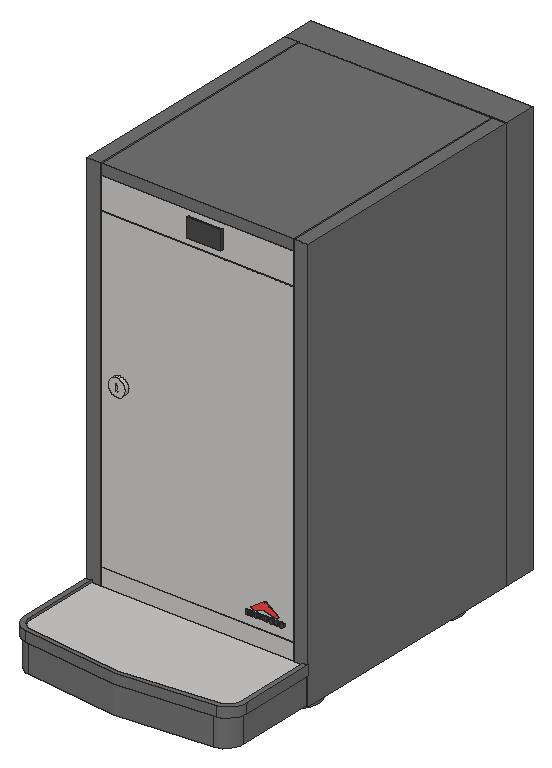
Revit family "QF_EGRO_TOP_MILK_FRIDGE", category Specialty Equipment, Revit 2015
Parameters
  Weight in Kilograms = 29
  Watts = 3200 W
  Volts = 220 V
  URL Cutsheet = ""
  Specification by User = ""
  Specification by Manufacturer = ""
  Show Logo [instance] = yes
  Serial Number = ""
  Seismic Rating = ""
  SMACNA No = ""
  Revision Code = ""
  Plumbing Remarks = ""
  Phase = 1
  Number of Poles = 1
  NAFEM Spec ID Number = ""
  Model = "TOP MILK FRIDGE"
  Min Ckt Ampacity = 0 A
  Max Overcurrent Protection = 0 A
  Masterspec = ""
  Manufacturer = "EGRO"  # constant formula
  Length = 11.75"
  Item Number = ""
  Installed By = ""
  Indirect Waste Size = 2"
  Indirect Waste Flow = 0 GPM
  Indirect Waste Connection Type = ""
  Indirect Waste Connection Height = 0.00"
  Identify Quantity as Lot = yes
  Height = 31.00"
  HP = ""
  Furnished By = ""
  Foodservice Equipment Identifier = yes
  FL Amps = 13 A
  Electrical Remarks = ""
  Electric Connection Type = ""
  Elec Conn RI Height = 0.00"
  Elec Conn Connection Height = 0.00"
  Description = "TOP MILK FRIDGE"
  Depth = 20.26752"
  Cycle = 50 Hz
  Conn Plug = "Typ 25 / CEE"
  Conn Conduit = yes
  Cold Water Temperature Recommended = -459.67 °F
  Cold Water Size = 3/8"
  Cold Water RI Height = 0.00"
  Cold Water Minimum Pressure = 0.00 psi
  Cold Water Maximum Pressure = 0.00 psi
  Cold Water Flow = 0 GPM
  Cold Water Consumption = ""
  Cold Water Connection Height = 0.00"
  CSI MasterFormat = ""
  Apparent Power = 0 VA
Reference planes (in)
  plane 1 "BACK": y = 0
  plane 2: z = 0
  plane 3 "LEFT": x = 0
  plane 4 "RIGHT": x = 11.75
  plane 5 "FRONT": y = -20.26752
  plane 6 "TOP": z = 31
  plane 7 "Center Y": x = 5.875
  plane 8 "Center X": y = -10.13376
  plane 9: z = 1.05828
  plane 10: z = 3.07
Forms (in)
  Extrusion 1, solid, material "QF_Rubber-Black-Smooth"
    sketch origin (11.75, 0, 0) x (0, -1, 0) y (0, 0, 1)
      loop
        line (1.74481, 23.05828) -> (1.74481, 1.05828) -> (14.89129, 1.05828) -> (14.89129, 23.05828) -> (1.74481, 23.05828)
    from 0 to 0.75
  Extrusion 2, solid, material "QF_Rubber-Black-Smooth"
    sketch origin (0, 0, 0) x (0, 1, 0) y (0, 0, 1)
      loop
        line (-1.74481, 23.05828) -> (-14.89129, 23.05828) -> (-14.89129, 1.05828) -> (-1.74481, 1.05828) -> (-1.74481, 23.05828)
    from 0 to 0.75
  Extrusion 3, solid, material "QF_Rubber-Black-Smooth"
    sketch origin (24, -21.49035, 12.62508) x (-1, 0, 0) y (0, -1, 0)
      loop
        line (23.25, -19.74554) -> (23.25, -6.59906) -> (13, -6.59906) -> (13, -19.74554) -> (23.25, -19.74554)
    from 9.88221 to 10.4332
  Extrusion 4, solid, material "QF_Metal-Stainless-Polished"
    sketch origin (0, -14.89129, 23.05828) x (0, 0, -1) y (1, 0, 0)
      loop
        line (0.55099, 0.75) -> (2.21186, 0.75) -> (2.21186, 11) -> (0.55099, 11) -> (0.55099, 0.75)
      loop
        line (2.26329, 11) -> (2.26329, 0.75) -> (19.16379, 0.75) -> (19.16379, 11) -> (2.26329, 11)
      loop
        line (20.07637, 0.75) -> (20.07637, 11) -> (19.20425, 11) -> (19.20425, 0.75) -> (20.07637, 0.75)
    from 0 to -1.03909
  Extrusion 5, solid, material "QF_Rubber-Black-Smooth"
    sketch origin (-12, 0, 0) x (1, 0, 0) y (0, 1, 0)
      loop
        line (12.15, -14.89129) -> (12.15, -18.97811)
        arc (12.15, -18.97811) -> (12.37475, -19.60977) -> (12.94798, -19.9575) r 1
        arc (12.94798, -19.9575) -> (17.875, -20.46036) -> (22.80202, -19.9575) r 24.3889
        arc (22.80202, -19.9575) -> (23.37525, -19.60977) -> (23.6, -18.97811) r 1
        line (23.6, -18.97811) -> (23.6, -14.89129) -> (12.15, -14.89129)
    from 1.05828 to 2.55998
  Extrusion 6, solid, material "QF_Rubber-Black-Smooth"
    sketch origin (-12, 0, 2.55998) x (1, 0, 0) y (0, 1, 0)
      loop
        line (23.75, -14.89129) -> (23.5, -14.89129) -> (23.5, -18.97811)
        arc (23.5, -18.97811) -> (23.33149, -19.45178) -> (22.9017, -19.71261) r 0.75
        arc (22.9017, -19.71261) -> (17.875, -20.22627) -> (12.8483, -19.71261) r 24.85248
        arc (12.8483, -19.71261) -> (12.41851, -19.45178) -> (12.25, -18.97811) r 0.75
        line (12.25, -18.97811) -> (12.25, -14.89129) -> (12, -14.89129) -> (12, -18.97811)
        arc (12, -18.97811) -> (12.22467, -19.60967) -> (12.79774, -19.95745) r 1
        arc (12.79774, -19.95745) -> (17.875, -20.47627) -> (22.95226, -19.95745) r 25.10248
        arc (22.95226, -19.95745) -> (23.52533, -19.60967) -> (23.75, -18.97811) r 1
        line (23.75, -18.97811) -> (23.75, -14.89129)
    from 0 to 0.51002
  Extrusion 7, solid, material "QF_Rubber-Black-Smooth"
    sketch origin (-12, 0, 2.55998) x (1, 0, 0) y (0, 1, 0)
      loop
        line (23.5, -13.89888) -> (12.25, -13.89888) -> (12.25, -18.97811)
        arc (12.25, -18.97811) -> (12.41851, -19.45178) -> (12.8483, -19.71261) r 0.75
        arc (12.8483, -19.71261) -> (17.875, -20.22627) -> (22.9017, -19.71261) r 24.85248
        arc (22.9017, -19.71261) -> (23.33149, -19.45178) -> (23.5, -18.97811) r 0.75
        line (23.5, -18.97811) -> (23.5, -13.89888)
    from 0 to 0.42194
  Extrusion 8, solid, material "QF_Rubber-Black-Smooth"
    sketch origin (0, -1.74481, 21.30828) x (0, 0, 1) y (1, 0, 0)
      loop
        line (-20.25, 0) -> (1.75, 0) -> (1.75, 11.75) -> (-20.25, 11.75) -> (-20.25, 0)
    from 1.74 to 0
  Revolve 9, solid, material "QF_Rubber-Black-Smooth"
    sketch origin (2.25, 0, 0) x (0, 1, 0) y (0, 0, 1)
      loop
        line (-3.5, 0) -> (-2.29615, 0) -> (-2.29615, 1.05828) -> (-3.5, 1.05828) -> (-3.5, 0)
      axis (-3.5, 1.05828) -> (-3.5, 0)
    angle from 0 to 360
  Revolve 10, solid, material "QF_Rubber-Black-Smooth"
    sketch origin (2.25, -9.44, 0) x (0, 1, 0) y (0, 0, 1)
      loop
        line (-3.5, 0) -> (-2.29615, 0) -> (-2.29615, 1.05828) -> (-3.5, 1.05828) -> (-3.5, 0)
      axis (-3.5, 1.05828) -> (-3.5, 0)
    angle from 0 to 360
  Extrusion 11, solid, material "QF_Rubber-Black-Smooth"
    sketch origin (0.90838, -180, 1.05828) x (-1, 0, 0) y (0, -1, 0)
      loop
        line (0.15838, -165.10871) -> (-10.09162, -165.10871) -> (-10.09162, -177.25519) -> (0.15838, -177.25519) -> (0.15838, -165.10871)
    from 0 to 1
  Extrusion 12, solid, material "QF_Metal-Stainless-Polished"
    sketch origin (0, -14.89129, 23.05828) x (0, 0, -1) y (1, 0, 0)
      loop
        circle (10.22498, 1.7578) r 0.45249
      loop
        line (10.05874, 1.69823) -> (10.38786, 1.69823) -> (10.38786, 1.81425) -> (10.05874, 1.81425) -> (10.05874, 1.69823)
    from 0 to 0.2
  Extrusion 13, solid, material "QF_Plastic-Black-Matte"
    sketch origin (0, -14.89129, 23.05828) x (0, 0, -1) y (1, 0, 0)
      loop
        line (0.85484, 5.40329) -> (1.85484, 5.40329) -> (1.85484, 7.19809) -> (0.85484, 7.19809) -> (0.85484, 5.40329)
    from 0 to 0.13
  Extrusion 14, solid, material "QF_Rubber-Black-Smooth"
    sketch origin (0.90838, -180, 1.05828) x (0, -1, 0) y (-1, 0, 0)
      loop
        circle (-168.27276, -4.96662) r 0.25
    from 0 to 0.13
  Revolve 15, solid, material "QF_Rubber-Black-Smooth"
    sketch origin (9.5, 0, 0) x (0, 1, 0) y (0, 0, -1)
      loop
        line (-3.5, 0) -> (-3.5, -1.05828) -> (-2.29615, -1.05828) -> (-2.29615, 0) -> (-3.5, 0)
      axis (-3.5, -1.05828) -> (-3.5, 0)
    angle from 0 to 360
  Revolve 16, solid, material "QF_Rubber-Black-Smooth"
    sketch origin (9.5, -9.44, 0) x (0, 1, 0) y (0, 0, -1)
      loop
        line (-3.5, 0) -> (-3.5, -1.05828) -> (-2.29615, -1.05828) -> (-2.29615, 0) -> (-3.5, 0)
      axis (-3.5, -1.05828) -> (-3.5, 0)
    angle from 0 to 360
Lines and regions (in)
  symbolic lines
    curve 1: line (0, 0, 1.05828) -> (11.75, 0, 1.05828)
    curve 2: line (0, -18.97811, 1.05828) -> (0, 0, 1.05828)
    curve 3: line (11.75, -1.74481, 1.05828) -> (0, -1.74481, 1.05828)
    curve 4: line (0, -14.89129, 1.05828) -> (11.75, -14.89129, 1.05828)
    curve 5: line (11.75, 0, 1.05828) -> (11.75, -18.97811, 1.05828)
    curve 6: line (0.75, -14.89129, 1.05828) -> (0.75, -1.74481, 1.05828)
    curve 7: line (11, -1.74481, 1.05828) -> (11, -14.89129, 1.05828)
    curve 8: arc (0, -18.97811, 1.05828) -> (0.22212, -19.60652, 1.05828) -> (0.7898, -19.95577, 1.05828) r 1
    curve 9: arc (0.7898, -19.95577, 1.05828) -> (5.875, -20.49626, 1.05828) -> (10.9602, -19.95577, 1.05828) r 24.19225
    curve 10: arc (10.9602, -19.95577, 1.05828) -> (11.52788, -19.60652, 1.05828) -> (11.75, -18.97811, 1.05828) r 1
    curve 11: line (11.5, -14.89129, 1.05828) -> (11.5, -18.97811, 1.05828)
    curve 12: arc (11.5, -18.97811, 1.05828) -> (11.33341, -19.44942, 1.05828) -> (10.90765, -19.71136, 1.05828) r 0.75
    curve 13: arc (10.90765, -19.71136, 1.05828) -> (5.875, -20.24626, 1.05828) -> (0.84235, -19.71136, 1.05828) r 23.94225
    curve 14: arc (0.84235, -19.71136, 1.05828) -> (0.41659, -19.44942, 1.05828) -> (0.25, -18.97811, 1.05828) r 0.75
    curve 15: line (0.25, -18.97811, 1.05828) -> (0.25, -14.89129, 1.05828)
Dimensions and locks (in)
  equal spacing: plane 3 "LEFT", plane 7 "Center Y", plane 4 "RIGHT"
  "Length": plane 3 "LEFT" to plane 4 "RIGHT"
  equal spacing: plane 5 "FRONT", plane 8 "Center X", plane 1 "BACK"
  "Depth": plane 5 "FRONT" to plane 1 "BACK"
  "Height": plane 6 "TOP" to level
  plane 10 to level = 3.07"
  aligned and locked: level to plane 2
Automatic sketch dimensions
  curve 8 to curve 14 = 0.00"  (x2)
  curve 9 to curve 13 = 0.00"  (x2)
  curve 10 to curve 12 = 0.00"  (x2)
  curve 10 to plane 4 "RIGHT" = 0.00"
  curve 13 to plane 7 "Center Y" = 0.00"
  curve 4 to plane 3 "LEFT" = 0.00"
  plane 1 "BACK" to curve 1 = 0.00"
  plane 4 "RIGHT" to curve 11 = 0.25"
  curve 11 to curve 10 = 0.75"
  curve 14 to curve 2 = 1.00"
  curve 15 to curve 2 = 0.25"
  curve 9 to plane 1 "BACK" = 3.69599"
  curve 8 to plane 5 "FRONT" = 1.28941"
  curve 10 to plane 5 "FRONT" = 1.28941"
  curve 11 to curve 7 = 0.50"
  curve 9 to curve 10 = 0.00"
  curve 13 to curve 12 = 0.00"
  curve 6 to curve 15 = 0.50"
  plane 1 "BACK" to curve 7 = 1.74481"
  curve 4 to curve 5 = 4.08683"
  Extrusion 1 sketch curve to plane 9 = 0.00"
  plane 1 "BACK" to Extrusion 1 sketch curve = 1.74481"
  Extrusion 1 sketch curve to plane 8 "Center X" = 4.75752"
  Extrusion 1 sketch curve to plane 6 "TOP" = 7.94172"
  Extrusion 2 sketch curve to plane 9 = 0.00"
  Extrusion 2 sketch curve to plane 8 "Center X" = 4.75752"
  plane 1 "BACK" to Extrusion 2 sketch curve = 1.74481"
  Extrusion 2 sketch curve to plane 6 "TOP" = 7.94172"
  plane 4 "RIGHT" to Extrusion 3 sketch curve = 0.75"
  plane 3 "LEFT" to Extrusion 3 sketch curve = 0.75"
  plane 1 "BACK" to Extrusion 3 sketch curve = 1.74481"
  Extrusion 3 sketch curve to plane 8 "Center X" = 4.75752"
  Extrusion 2 to Extrusion 4 sketch curve = 0.00"  (x3)
  Extrusion 4 sketch curve to Extrusion 2 = 0.55099"
  Extrusion 4 sketch curve to Extrusion 4 sketch curve = 1.66087"
  Extrusion 4 sketch curve to Extrusion 4 sketch curve = 0.05143"
  Extrusion 4 sketch curve to Extrusion 2 = 2.83621"
  Extrusion 4 sketch curve to Extrusion 4 sketch curve = 0.04046"
  Extrusion 4 sketch curve to Extrusion 4 sketch curve = 0.87212"
  Extrusion 4 sketch curve to Extrusion 2 = 10.25"
  Extrusion 4 sketch curve to Extrusion 4 sketch curve = 0.00"  (x2)
  Extrusion 5 sketch curve to plane 7 "Center Y" = 0.00"
  plane 3 "LEFT" to Extrusion 5 sketch curve = 1.15"
  plane 3 "LEFT" to Extrusion 5 sketch curve = 0.15"
  plane 4 "RIGHT" to Extrusion 5 sketch curve = 1.15"
  plane 4 "RIGHT" to Extrusion 5 sketch curve = 0.15"
  Extrusion 5 sketch curve to plane 5 "FRONT" = 1.28941"  (x2)
  Extrusion 5 sketch curve to Extrusion 5 sketch curve = 4.08683"
  Extrusion 5 sketch curve to plane 1 "BACK" = 3.92854"
  Extrusion 5 sketch curve to Extrusion 5 sketch curve = 0.00"
  Extrusion 6 sketch curve to Extrusion 6 sketch curve = 0.00"  (x8)
  Extrusion 6 sketch curve to plane 3 "LEFT" = 0.00"
  Extrusion 6 sketch curve to plane 7 "Center Y" = 0.00"
  Extrusion 6 sketch curve to plane 4 "RIGHT" = 0.00"
  Extrusion 6 sketch curve to Extrusion 6 sketch curve = 0.25"
  Extrusion 6 sketch curve to Extrusion 6 sketch curve = 0.75"
  plane 4 "RIGHT" to Extrusion 6 sketch curve = 1.00"
  plane 4 "RIGHT" to Extrusion 6 sketch curve = 0.25"
  Extrusion 6 sketch curve to plane 5 "FRONT" = 1.28941"  (x2)
  Extrusion 6 sketch curve to Extrusion 6 sketch curve = 4.08683"  (x2)
  Extrusion 6 sketch curve to plane 1 "BACK" = 4.62621"
  Extrusion 7 sketch curve to plane 7 "Center Y" = 0.00"
  plane 3 "LEFT" to Extrusion 7 sketch curve = 1.00"
  plane 3 "LEFT" to Extrusion 7 sketch curve = 0.25"
  plane 4 "RIGHT" to Extrusion 7 sketch curve = 1.00"
  plane 4 "RIGHT" to Extrusion 7 sketch curve = 0.25"
  Extrusion 7 sketch curve to plane 5 "FRONT" = 1.28941"  (x2)
  Extrusion 7 sketch curve to plane 8 "Center X" = 3.76512"
  Extrusion 7 sketch curve to plane 1 "BACK" = 4.62621"
  Extrusion 7 sketch curve to Extrusion 7 sketch curve = 0.00"
  Extrusion 8 sketch curve to Extrusion 2 = 0.00"  (x3)
  Extrusion 8 sketch curve to Extrusion 2 = 11.00"
  Revolve 9 sketch curve to level = 0.00"  (x2)
  Revolve 9 sketch curve to plane 9 = 0.00"
  plane 1 "BACK" to Revolve 9 sketch curve = 3.50"  (x2)
  Revolve 9 sketch curve to Revolve 9 sketch curve = 1.20385"
  Revolve 9 sketch curve to level = 4.00"
  Revolve 10 sketch curve to level = 0.00"  (x2)
  Revolve 10 sketch curve to plane 9 = 0.00"
  Revolve 10 sketch curve to plane 8 "Center X" = 2.80624"  (x2)
  Revolve 10 sketch curve to Revolve 10 sketch curve = 1.20385"
  Revolve 10 sketch curve to level = 4.00"
  plane 4 "RIGHT" to Extrusion 11 sketch curve = 0.75"
  plane 3 "LEFT" to Extrusion 11 sketch curve = 0.75"
  plane 1 "BACK" to Extrusion 11 sketch curve = 2.74481"
  Extrusion 11 sketch curve to plane 8 "Center X" = 4.75752"
  Extrusion 12 sketch curve to Extrusion 4 = 0.94823"
  Extrusion 12 sketch curve to Extrusion 4 = 7.79546"
  Extrusion 12 sketch curve to Extrusion 12 sketch curve = 0.16624"
  Extrusion 12 sketch curve to Extrusion 12 sketch curve = 0.16288"
  Extrusion 12 sketch curve to Extrusion 12 sketch curve = 0.05957"
  Extrusion 12 sketch curve to Extrusion 12 sketch curve = 0.11602"
  Extrusion 13 sketch curve to Extrusion 4 = 0.30385"
  Extrusion 13 sketch curve to Extrusion 4 = 0.35701"
  Extrusion 13 sketch curve to Extrusion 4 = 4.65329"
  Extrusion 13 sketch curve to Extrusion 13 sketch curve = 1.7948"
  Extrusion 11 to Extrusion 14 sketch curve = 3.16404"
  Extrusion 11 to Extrusion 14 sketch curve = 5.125"
  Revolve 15 sketch curve to level = 0.00"  (x2)
  Revolve 15 sketch curve to plane 9 = 0.00"
  plane 1 "BACK" to Revolve 15 sketch curve = 3.50"  (x2)
  Revolve 15 sketch curve to Revolve 15 sketch curve = 1.20385"
  Revolve 15 sketch curve to level = 4.00"
  Revolve 16 sketch curve to level = 0.00"  (x2)
  Revolve 16 sketch curve to plane 9 = 0.00"
  Revolve 16 sketch curve to plane 8 "Center X" = 2.80624"  (x2)
  Revolve 16 sketch curve to Revolve 16 sketch curve = 1.20385"
  Revolve 16 sketch curve to level = 4.00"
  radius of Extrusion 12 sketch curve = 0.45249"
  radius of Extrusion 14 sketch curve = 0.25"
Nested families (in)
  nested 1: "QF_LOGO_EGRO" at (8.4792, -14.95129, 4.39008), Show Logo <- "Show Logo", type "QF_LOGO_EGRO"
    with Show Logo yes
Connectors (in)
  electrical at (5.875, -11.72724, 0.92828), driven by "Volts", driven by "Watts"
    settings: on Extrusion 14, index 1, voltage 220 V, apparent load 3200 VA, apparent load phase1 0 VA, apparent load phase2 0 VA, apparent load phase3 0 VA, power factor 1, load classification "Other", number of poles 1, system type 30, power factor state 1, is connector primary yes, connector utility no, sub classification motor no, connector description "ELECTRICAL CONNECTION"
Definition of nested family "QF_LOGO_EGRO"
  Parameters (values of type "QF_LOGO_EGRO")
    Show Logo [instance] = yes
  Reference planes (in)
    plane 1 "Center (Front/Back)": y = 0
    plane 2: z = 0
    plane 3 "Center (Left/Right)": x = 0
  Forms (in)
    Extrusion 1, solid, not visible
      sketch origin (121.45701, -16.5, 4.98235) x (1, 0, 0) y (0, 0, 1)
        loop
          line (25.20115, 35.89949) -> (25.20115, 33.96647) -> (30.95381, 33.96647) -> (30.95381, 35.89949) -> (25.20115, 35.89949)
      from 31.5 to 31.54261
    Extrusion 2, solid, not visible
      sketch origin (121.45701, -16.5, 4.98235) x (1, 0, 0) y (0, 0, 1)
        loop
          line (26.7387, 34.95472) -> (26.61492, 34.49276) -> (27.038, 34.49276)
          arc (27.038, 34.49276) -> (27.13117, 34.52484) -> (27.18485, 34.60749) r 0.15134
          arc (27.18485, 34.60749) -> (27.20396, 34.68138) -> (27.22435, 34.75493) r 4.37326
          arc (27.22435, 34.75493) -> (27.23458, 34.81765) -> (27.22435, 34.88037) r 0.1974
          arc (27.22435, 34.88037) -> (27.18247, 34.93579) -> (27.11563, 34.95472) r 0.10914
          line (27.11563, 34.95472) -> (26.7387, 34.95472)
        loop
          line (26.90201, 34.80638) -> (26.84645, 34.59903) -> (26.92855, 34.59903)
          arc (26.92855, 34.59903) -> (26.98205, 34.6185) -> (27.01051, 34.6678) r 0.08322
          line (27.01051, 34.6678) -> (27.02399, 34.74424)
          arc (27.02399, 34.74424) -> (27.01491, 34.78454) -> (26.97985, 34.80638) r 0.05353
          line (26.97985, 34.80638) -> (26.90201, 34.80638)
        loop
          line (27.45336, 34.66131) -> (27.76233, 34.66131) -> (27.78859, 34.73909)
          arc (27.78859, 34.73909) -> (27.7878, 34.82039) -> (27.73107, 34.87864) r 0.10925
          arc (27.73107, 34.87864) -> (27.68233, 34.8944) -> (27.63139, 34.89974) r 0.24595
          line (27.63139, 34.89974) -> (27.46708, 34.89974)
          arc (27.46708, 34.89974) -> (27.4068, 34.88073) -> (27.3535, 34.84677) r 0.2421
          arc (27.3535, 34.84677) -> (27.2897, 34.76363) -> (27.26702, 34.66131) r 0.2421
          line (27.26702, 34.66131) -> (27.26702, 34.54477)
          arc (27.26702, 34.54477) -> (27.31618, 34.4956) -> (27.38334, 34.47761) r 0.13431
          line (27.38334, 34.47761) -> (27.59054, 34.47761)
          arc (27.59054, 34.47761) -> (27.63459, 34.48281) -> (27.67622, 34.49812) r 0.18924
          line (27.67622, 34.49812) -> (27.73102, 34.61563)
          arc (27.73102, 34.61563) -> (27.68453, 34.59565) -> (27.63566, 34.58252) r 0.35376
          arc (27.63566, 34.58252) -> (27.55885, 34.56956) -> (27.48204, 34.58252) r 0.23415
          arc (27.48204, 34.58252) -> (27.44492, 34.61362) -> (27.45336, 34.66131) r 0.04838
        loop
          line (27.4842, 34.73042) -> (27.62012, 34.73042) -> (27.62621, 34.76496)
          arc (27.62621, 34.76496) -> (27.58961, 34.80242) -> (27.53739, 34.80638) r 0.0742
          arc (27.53739, 34.80638) -> (27.49747, 34.77773) -> (27.4842, 34.73042) r 0.0742
        loop
          line (27.91616, 34.97572) -> (27.78675, 34.49276) -> (27.98645, 34.49276) -> (28.11586, 34.97572) -> (27.91616, 34.97572)
        loop
          line (28.13678, 34.66131) -> (28.08755, 34.47761) -> (28.27134, 34.47761) -> (28.32056, 34.66131) -> (28.43674, 34.66131) -> (28.47974, 34.78864) -> (28.36519, 34.78864)
          arc (28.36519, 34.78864) -> (28.35733, 34.81649) -> (28.36921, 34.84288) r 0.04231
          arc (28.36921, 34.84288) -> (28.431, 34.8652) -> (28.49617, 34.85686) r 0.13988
          line (28.49617, 34.85686) -> (28.53544, 34.97317)
          arc (28.53544, 34.97317) -> (28.39725, 34.99096) -> (28.25905, 34.97317) r 0.54546
          arc (28.25905, 34.97317) -> (28.20849, 34.91994) -> (28.18197, 34.85147) r 0.1894
          line (28.18197, 34.85147) -> (28.17089, 34.78864) -> (28.11397, 34.78864) -> (28.07985, 34.66131) -> (28.13678, 34.66131)
        loop
          arc (28.74846, 34.89756) -> (28.65884, 34.88533) -> (28.56922, 34.89756) r 0.33455
          line (28.56922, 34.89756) -> (28.45669, 34.47761) -> (28.63593, 34.47761) -> (28.74846, 34.89756)
        loop
          arc (28.60398, 35.01195) -> (28.57699, 34.97173) -> (28.60398, 34.9315) r 0.04347
          line (28.60398, 34.9315) -> (28.75755, 34.9315)
          arc (28.75755, 34.9315) -> (28.78645, 34.96687) -> (28.77911, 35.01195) r 0.0556
          line (28.77911, 35.01195) -> (28.60398, 35.01195)
        loop
          line (28.95336, 34.66131) -> (29.26233, 34.66131) -> (29.28859, 34.73909)
          arc (29.28859, 34.73909) -> (29.2878, 34.82039) -> (29.23107, 34.87864) r 0.10925
          arc (29.23107, 34.87864) -> (29.18233, 34.8944) -> (29.13139, 34.89974) r 0.24595
          line (29.13139, 34.89974) -> (28.96708, 34.89974)
          arc (28.96708, 34.89974) -> (28.9068, 34.88073) -> (28.8535, 34.84677) r 0.2421
          arc (28.8535, 34.84677) -> (28.7897, 34.76363) -> (28.76702, 34.66131) r 0.2421
          line (28.76702, 34.66131) -> (28.76702, 34.54477)
          arc (28.76702, 34.54477) -> (28.81618, 34.4956) -> (28.88334, 34.47761) r 0.13431
          line (28.88334, 34.47761) -> (29.09054, 34.47761)
          arc (29.09054, 34.47761) -> (29.13459, 34.48281) -> (29.17622, 34.49812) r 0.18924
          line (29.17622, 34.49812) -> (29.23102, 34.61563)
          arc (29.23102, 34.61563) -> (29.18453, 34.59565) -> (29.13566, 34.58252) r 0.35376
          arc (29.13566, 34.58252) -> (29.05885, 34.56956) -> (28.98204, 34.58252) r 0.23415
          arc (28.98204, 34.58252) -> (28.94492, 34.61362) -> (28.95336, 34.66131) r 0.04838
        loop
          line (28.9842, 34.73042) -> (29.12012, 34.73042) -> (29.12621, 34.76496)
          arc (29.12621, 34.76496) -> (29.08961, 34.80242) -> (29.03739, 34.80638) r 0.0742
          arc (29.03739, 34.80638) -> (28.99747, 34.77773) -> (28.9842, 34.73042) r 0.0742
        loop
          line (29.41616, 34.97572) -> (29.28675, 34.49276) -> (29.48645, 34.49276) -> (29.61586, 34.97572) -> (29.41616, 34.97572)
        loop
          line (29.99836, 34.97572) -> (29.95192, 34.80242)
          arc (29.95192, 34.80242) -> (29.94473, 34.85705) -> (29.90102, 34.89059) r 0.07199
          arc (29.90102, 34.89059) -> (29.80023, 34.89941) -> (29.70251, 34.87322) r 0.29131
          arc (29.70251, 34.87322) -> (29.61806, 34.7652) -> (29.5896, 34.63108) r 0.30433
          line (29.5896, 34.63108) -> (29.5896, 34.55572)
          arc (29.5896, 34.55572) -> (29.61075, 34.50463) -> (29.66184, 34.48348) r 0.07224
          line (29.66184, 34.48348) -> (29.78537, 34.48348)
          arc (29.78537, 34.48348) -> (29.83854, 34.51313) -> (29.88504, 34.55243) r 0.31609
          line (29.88504, 34.55243) -> (29.86905, 34.49276) -> (30.05973, 34.49276) -> (30.18914, 34.97572) -> (29.99836, 34.97572)
        loop
          arc (29.84537, 34.75931) -> (29.79424, 34.71128) -> (29.77745, 34.64317) r 0.12371
          arc (29.77745, 34.64317) -> (29.80071, 34.59901) -> (29.85056, 34.59647) r 0.05045
          arc (29.85056, 34.59647) -> (29.90141, 34.64047) -> (29.92536, 34.7033) r 0.13769
          arc (29.92536, 34.7033) -> (29.90211, 34.75521) -> (29.84537, 34.75931) r 0.05543
        loop
          line (26.45047, 35.26762) -> (26.58211, 35.26762)
          arc (26.58211, 35.26762) -> (26.60467, 35.30821) -> (26.62126, 35.35157) r 0.3277
          arc (26.62126, 35.35157) -> (26.62714, 35.39992) -> (26.60877, 35.44503) r 0.09693
          arc (26.60877, 35.44503) -> (26.56454, 35.48868) -> (26.50462, 35.50516) r 0.12312
          arc (26.50462, 35.50516) -> (26.44158, 35.50565) -> (26.37854, 35.50546) r 5.76967
          arc (26.37854, 35.50546) -> (26.07462, 35.42923) -> (25.81045, 35.26076) r 0.97743
          line (25.81045, 35.26076) -> (25.85921, 35.26076)
          arc (25.85921, 35.26076) -> (26.08494, 35.39361) -> (26.3396, 35.45485) r 0.88817
          arc (26.3396, 35.45485) -> (26.41429, 35.44188) -> (26.47267, 35.39352) r 0.14748
          arc (26.47267, 35.39352) -> (26.48041, 35.32725) -> (26.45047, 35.26762) r 0.11636
        loop
          arc (26.35412, 35.17841) -> (26.19578, 35.0555) -> (26.00982, 34.98069) r 0.72453
          arc (26.00982, 34.98069) -> (25.9036, 34.95581) -> (25.79459, 34.9604) r 0.40201
          arc (25.79459, 34.9604) -> (25.7275, 34.98819) -> (25.69972, 35.05528) r 0.09488
          arc (25.69972, 35.05528) -> (25.71867, 35.12629) -> (25.77049, 35.17841) r 0.1425
          line (25.77049, 35.17841) -> (25.73665, 35.18748)
          arc (25.73665, 35.18748) -> (25.67632, 35.09876) -> (25.66924, 34.99171) r 0.20432
          arc (25.66924, 34.99171) -> (25.71443, 34.9227) -> (25.79473, 34.90384) r 0.11116
          arc (25.79473, 34.90384) -> (25.91172, 34.89904) -> (26.02716, 34.91862) r 0.56145
          arc (26.02716, 34.91862) -> (26.27675, 35.021) -> (26.49584, 35.17841) r 1.15683
          line (26.49584, 35.17841) -> (26.35412, 35.17841)
      from 31.54261 to 31.56272
    Extrusion 3, solid, visible <- "Show Logo", detail levels medium+fine
      sketch origin (0, 0, -0.00005) x (1, 0, 0) y (0, 0, 1)
        loop
          line (0, 0) -> (0.37513, 0) -> (0.37513, 0.03887) -> (0.138, 0.03887) -> (0.138, 0.0933) -> (0.35569, 0.0933) -> (0.35569, 0.12828) -> (0.138, 0.12828) -> (0.138, 0.18465) -> (0.37513, 0.18465) -> (0.37513, 0.23713) -> (0, 0.23713) -> (0, 0)
        loop
          line (0.77378, 0.11756) -> (0.77378, 0.03887) -> (0.63008, 0.03887)
          arc (0.63008, 0.03887) -> (0.61241, 0.0462) -> (0.60508, 0.06387) r 0.025
          line (0.60508, 0.06387) -> (0.60508, 0.17052)
          arc (0.60508, 0.17052) -> (0.61241, 0.1882) -> (0.63008, 0.19552) r 0.025
          line (0.63008, 0.19552) -> (0.86707, 0.19552) -> (0.88749, 0.23713) -> (0.5959, 0.23713)
          arc (0.5959, 0.23713) -> (0.52648, 0.22187) -> (0.46986, 0.17892) r 0.16559
          line (0.46986, 0.17892) -> (0.46986, 0.06186)
          arc (0.46986, 0.06186) -> (0.53073, 0.0162) -> (0.60508, 0) r 0.17874
          line (0.60508, 0) -> (0.89774, 0) -> (0.89774, 0.11756) -> (0.77378, 0.11756)
        loop
          line (1.00482, 0.23713) -> (1.00482, 0) -> (1.1454, 0) -> (1.1454, 0.07531) -> (1.22847, 0.07531) -> (1.35891, 0) -> (1.51985, 0) -> (1.37576, 0.08319)
          arc (1.37576, 0.08319) -> (1.41922, 0.09307) -> (1.45377, 0.12124) r 0.09767
          line (1.45377, 0.12124) -> (1.45377, 0.18236)
          arc (1.45377, 0.18236) -> (1.39619, 0.22285) -> (1.32727, 0.23713) r 0.17349
          line (1.32727, 0.23713) -> (1.00482, 0.23713)
        loop
          line (1.1454, 0.11756) -> (1.29132, 0.11756)
          arc (1.29132, 0.11756) -> (1.32817, 0.15441) -> (1.29132, 0.19126) r 0.03685
          line (1.29132, 0.19126) -> (1.1454, 0.19126) -> (1.1454, 0.11756)
        loop
          arc (1.54961, 0.05856) -> (1.61101, 0.0185) -> (1.68297, 0.00446) r 0.19141
          line (1.68297, 0.00446) -> (1.88745, 0.00446)
          arc (1.88745, 0.00446) -> (1.9594, 0.0185) -> (2.0208, 0.05856) r 0.19141
          line (2.0208, 0.05856) -> (2.0208, 0.18303)
          arc (2.0208, 0.18303) -> (1.9594, 0.22309) -> (1.88745, 0.23713) r 0.19141
          line (1.88745, 0.23713) -> (1.68297, 0.23713)
          arc (1.68297, 0.23713) -> (1.61101, 0.22309) -> (1.54961, 0.18303) r 0.19141
          line (1.54961, 0.18303) -> (1.54961, 0.05856)
        loop
          line (1.68696, 0.16823) -> (1.68696, 0.06387)
          arc (1.68696, 0.06387) -> (1.70861, 0.04381) -> (1.73721, 0.03654) r 0.05986
          line (1.73721, 0.03654) -> (1.83867, 0.03654)
          arc (1.83867, 0.03654) -> (1.86727, 0.04381) -> (1.88892, 0.06387) r 0.05986
          line (1.88892, 0.06387) -> (1.88892, 0.16823)
          arc (1.88892, 0.16823) -> (1.86727, 0.18828) -> (1.83867, 0.19556) r 0.05986
          line (1.83867, 0.19556) -> (1.73721, 0.19556)
          arc (1.73721, 0.19556) -> (1.70861, 0.18828) -> (1.68696, 0.16823) r 0.05986
      from 0 to 0.06
    Extrusion 4, solid, visible <- "Show Logo", detail levels medium+fine
      sketch origin (0, 0, -0.00005) x (1, 0, 0) y (0, 0, 1)
        loop
          line (0.46352, 0.35862) -> (1.01244, 0.48534) -> (1.56137, 0.35862)
          arc (1.56137, 0.35862) -> (1.65297, 0.35932) -> (1.73436, 0.40138) r 0.19703
          line (1.73436, 0.40138) -> (1.04346, 0.88515)
          arc (1.04346, 0.88515) -> (1.01244, 0.89492) -> (0.98143, 0.88515) r 0.05408
          line (0.98143, 0.88515) -> (0.29053, 0.40138)
          arc (0.29053, 0.40138) -> (0.37191, 0.35932) -> (0.46352, 0.35862) r 0.19703
      from 0 to 0.06
  Dimensions and locks (in)
    aligned and locked: level to plane 2
